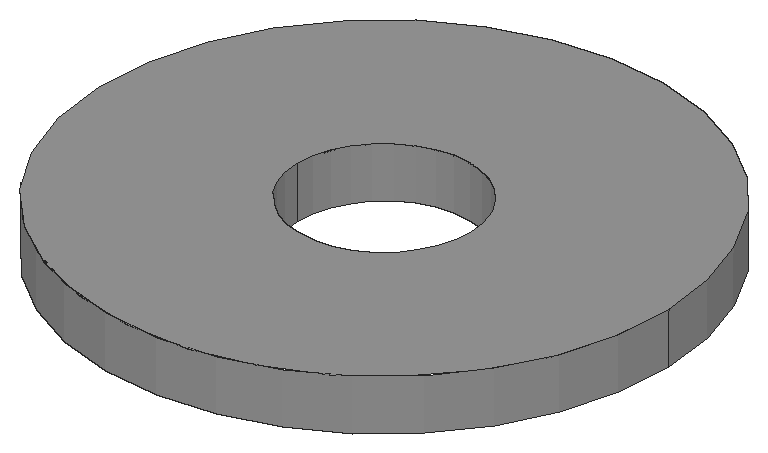
Revit family "Unterlegscheibe DIN440 14 A2", category Generic Models, Revit 2017
Family settings
  Can host rebar = No
  Round Connector Dimension = Use Diameter
  Part Type = Normal
  Work Plane-Based = No
  Always vertical = Yes
  Cut with Voids When Loaded = No
  Shared = No
  Room Calculation Point = No
Parameters (values of type "DIN440 14 A2")
  URL = "http://www.obo-bettermann.com"
  Material = Edelstahl, rostfrei 1.4301
  Manufacturer Art.No. = "6408739"
  Manufacturer = "OBO BETTERMANN"
  Height = 4 mm
  GTIN = "4012196427215"
  Diameter 1 = 13.5 mm
  Diameter = 44 mm
  Article Type = "DIN440 14 A2"
Reference planes
  plane 1 "Center (Front/Back)": y = 0
  plane 2: z = 0
  plane 3 "Center (Left/Right)": x = 0
  plane 4: z = 4
Forms (mm)
  Extrusion 1, solid, material "Edelstahl, rostfrei 1.4301" <- "Material"
    sketch origin (0, 0, 0) x (1, 0, 0) y (0, 1, 0)
      loop
        circle (0, 0) r 22.028
      loop
        circle (0, 0) r 6.75
    from 0 to 4
Dimensions and locks
  locked: plane 3 "Center (Left/Right)" to Extrusion 1 sketch curve  (x2)
  locked: plane 3 "Center (Left/Right)" to Extrusion 1 sketch curve at 6.75
  locked: plane 3 "Center (Left/Right)" to Extrusion 1 sketch curve at 22.028
  diameter of Extrusion 1 sketch curve = 13.5 mm
  diameter of Extrusion 1 sketch curve = 44.057 mm
  aligned and locked: level to plane 2
  aligned and locked: Extrusion 1 to plane 4
  aligned and locked: Extrusion 1 to level
